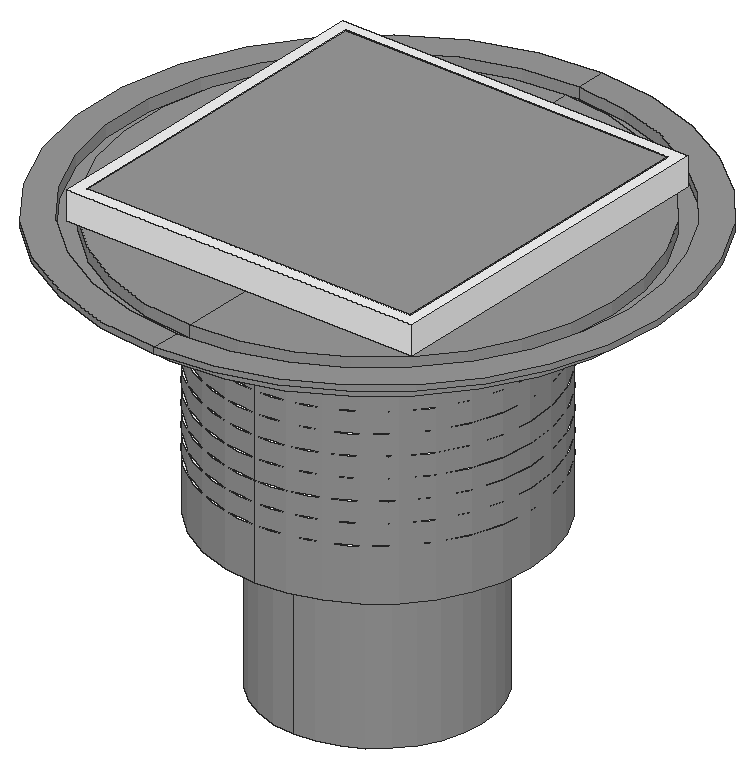
Revit family "_02HL_RU_Floor drain_HL310N", category Instalační zařizovací předměty, Revit 2021
Family settings
  Kóta kulaté spojky = Použít průměr
  Typ dílu = Normální
  Číslo OmniClass = 23.70.50.21.24.14
  Nadpis OmniClass = Deck Waste Water Drains
  Založené na pracovní rovině = Ne
  Vždy vertikální = Ano
  Ořezat dutým tvarem při načtení = Ne
  Sdílené = Ano
  Bod výpočtu místnosti = Ano
Parameters (values of type "HL310N")
  РЕШЁТКА = "115 x 115 mm / V2A"
  РАЗМЕР = "DN50/75/110"
  ПРОПУСКНАЯ СПОСОБНОСТЬ = 0.67 L/s
  ПРОИЗВОДИТЕЛЬНОСТЬ = "0,67 l/s"
  ПРАВОВАЯ ИНФОРМАЦИЯ = "Авторские права(©), права на дизайн или какие либо другие права интелектуальной собственности являются исключительной собственностью компании HL Hutterer & Lechner. Изменению не подлежит. Файл семейства с данными о прозводителе изделия защищен паролем с водяным знаком."  # constant formula
  Нормы = "EN 1253-1"
  НОМИНАЛЬНЫЙ ДИАМЕТР [instance] = 75 mm
  НАСАДКА = "12-70 mm / 123 x 123 mm / PP"
  МАТЕРИАЛ = "PP, V2A"
  МАКСИМАЛЬНАЯ НАГРУЗКА КЛАССА = "K3 - 300 kg"
  ВЫСОТА МОНТАЖА = "163 mm"
  ВЕС = "0,72 [kg]"
  EAN = "9003076004638"
  Výchozí výška = 0 mm
  Přípoj ventilace = no
  Výrobce = "HL Hutterer & Lechner GmbH"  # constant formula
  URL = "http://www.hutterer-lechner.com/ru/Products/catalog/floor-drains/attachments/HL310N.aspx"
  Přípoj odpadních dílů = yes
  Přípoj HW = no
  Popis = "Трап для внутренних помещений"
  Model = "HL310N"
  Komentáře k typům = "HL310N Трап для внутренних помещенийDN50/75/110 вертикальный 123х123мм/115х115мм"
  Keynote = "HL310N"
  Высота монтажа [instance] = 163 mm
  DN_Test [instance] = if(or(НОМИНАЛЬНЫЙ ДИАМЕТР = 50 mm, НОМИНАЛЬНЫЙ ДИАМЕТР = 75 mm, НОМИНАЛЬНЫЙ ДИАМЕТР = 110 mm), 30 mm, 0 mm)  # 30 mm
  Přípoj CW = no
  B [instance] = if(НОМИНАЛЬНЫЙ ДИАМЕТР = 110 mm, Высота монтажа - 56 mm, Высота монтажа)  # 163 mm
  A [instance] = if(B - 100 mm > 15 mm, B - 100 mm, 15 mm)  # 63 mm
Reference planes
  plane 1 "Center (Front/Back)": y = 0
  plane 2: z = 0
  plane 3 "Center (Left/Right)": x = 0
  plane 4 "Ball Joint Vertical": x = 25.45
  plane 5: z = -163
  plane 6: z = -163
Lines and regions (mm)
  model lines, style "InvisibleLines"
    curve 1: line (0, 0, 0) -> (0, 0, 975)
  reference lines
    curve 2: line (0, 0, -158.004) -> (0, 0, -163.004)
  model lines, detail levels coarse+medium
    curve 3: line (0, 0, -163) -> (0, 0, -100)
    curve 4: line (0, 0, -100) -> (100, 0, 0)
    curve 5: line (0, 0, -100) -> (-100, 0, 0)
  symbolic lines, style "InvisibleLines", not visible
    curve 6: line (0, 0, 0) -> (0, 0, -30)
  symbolic lines, detail levels coarse+medium
    curve 7: line (-75, 75, 0) -> (75, 75, 0)
    curve 8: line (-75, -75, 0) -> (-75, 75, 0)
    curve 9: line (75, -75, 0) -> (-75, -75, 0)
    curve 10: line (75, 75, 0) -> (75, -75, 0)
    curve 11: line (75, 75, 0) -> (145.711, 145.711, 0)
    curve 12: line (-75, 75, 0) -> (-145.711, 145.711, 0)
    curve 13: line (75, -75, 0) -> (145.711, -145.711, 0)
    curve 14: line (-75, -75, 0) -> (-145.711, -145.711, 0)
  symbolic lines, not visible, detail levels coarse+medium
    curve 15: line (97.767, 268.748, 0) -> (247.767, 268.748, 0)
    curve 16: line (97.767, 118.748, 0) -> (97.767, 268.748, 0)
    curve 17: line (247.767, 118.748, 0) -> (97.767, 118.748, 0)
    curve 18: line (247.767, 268.748, 0) -> (247.767, 118.748, 0)
    curve 19: line (247.767, 268.748, 0) -> (318.478, 339.459, 0)
    curve 20: line (97.767, 268.748, 0) -> (27.057, 339.459, 0)
    curve 21: line (247.767, 118.748, 0) -> (318.478, 48.037, 0)
    curve 22: line (97.767, 118.748, 0) -> (27.057, 48.037, 0)
Text (mm)
  text "FLOOR" at (-218.559, 0, -14.206), in view "вид строительства"
Dimensions and locks
  locked: plane 4 "Ball Joint Vertical" to plane 3 "Center (Left/Right)" at 25.45
  "Высота монтажа": plane 2 to plane 5
  "A": curve 5 to plane 6
  "B": curve 5 to plane 6
  "B": curve 4 to plane 6
  "B": plane 2 to plane 6
  "DN_Test": plane 2 to curve 6
  plane 2 to nested 2 = 12 mm
  locked: curve 4 to plane 3 "Center (Left/Right)" (angle 45.00°)
  locked: plane 3 "Center (Left/Right)" to curve 5 (angle 45.00°)
  aligned and locked: level to plane 2
  aligned and locked: plane 2 to curve 1
  aligned and locked: plane 3 "Center (Left/Right)" to curve 1
  aligned and locked: plane 3 "Center (Left/Right)" to curve 2
  aligned and locked: plane 3 "Center (Left/Right)" to curve 3
  aligned and locked: plane 3 "Center (Left/Right)" to curve 5
  aligned and locked: plane 6 to curve 3
  aligned and locked: plane 5 to nested 2
Automatic sketch dimensions
  curve 2 to plane 6 = 0.004 mm
  plane 6 to curve 2 = 4.996 mm
  level to curve 1 = 975 mm
Nested families
  nested 1: "HL-Вкладыш сифона-HL0510.7E" at (0, 0, -6), type "HL0510.7E_Main Component"
  nested 2: "HL-Корпус для трапа внутренних помещений-HL310K" at (0, 0, -12), type "HL310K_Main Component"
  nested 3: "HL_Решётка_HL037Pr.1E" at (0, 0, 0), type "HL037Pr.1E_Main Component"
  nested 4: "HL-Насадка-HL037N.2E" at (0, 0, 0), type "HL037N.2E_Main Component"
    with Высота монтажа 70 mm, RN 11, RL 71.5 mm, R yes, NL_Test yes, NL 90 mm
Connectors
  piping at (0, 0, -163.004), diameter 75, driven by "ПРОПУСКНАЯ СПОСОБНОСТЬ", driven by "НОМИНАЛЬНЫЙ ДИАМЕТР"
    settings: on curve 2, index 1, connector inside diameter 609.6 mm, connector length 0 mm, flow factor 0, pipe flow 0.67 L/s, pressure drop 0.0 Pa, fitting loss kfactor 0, connector angle 0.00°, fixture units 0, engagement length 0 mm, angle of deflection 0.00°, flow configuration 1, flow direction 2, fitting loss method 0, system type 16, joint type 0, gender type 0, connector reference index -1, connector utility 0, adjustable connector no, is connector primary yes, connector description ""
Definition of nested family "HL-Вкладыш сифона-HL0510.7E"
  Parameters
    ПРАВОВАЯ ИНФОРМАЦИЯ = "Авторские права(©), права на дизайн или какие либо другие права интелектуальной собственности являются исключительной собственностью компании HL Hutterer & Lechner. Изменению не подлежит. Файл семейства с данными о прозводителе изделия защищен паролем с водяным знаком."  # constant formula
    МАТЕРИАЛ = "PP"
    ВЕС = "0,08 [kg]"
    Waste Connection = yes
    Default Elevation = 0 mm
    Vent Connection = no
    Manufacturer = "HL Hutterer & Lechner GmbH"  # constant formula
    URL = "http://www.hutterer-lechner.com/ru/products/catalog/floor-drains/attachments/HL0510.7e.aspx"
    HW Connection = no
    Description = "Трапы для внутренних помещений - Комплектующие"
    Model = "HL0510.7E"
    Type Comments = "HL0510.7E Вкладыш запахозапирающий комплектный"
    Keynote = "HL0510.7E"
    EAN = "9003076051076"
    CW Connection = no
  Reference planes
    plane 1 "Center (Front/Back)": y = 0
    plane 2: z = 0
    plane 3 "Center (Left/Right)": x = 0
    plane 4 "Ball Joint Vertical": x = 25.45
  Forms (mm)
    Revolve 1, solid, detail levels fine
      sketch origin (0, 0, 0) x (0, 1, 0) y (0, 0, 1)
        loop
          line (20, -68.2) -> (20, -11) -> (18.2, -11) -> (18.2, -70) -> (45, -70) -> (45, -36) -> (48.834, -36) -> (48.834, -14) -> (49.7, -14) -> (49.7, -2) -> (53, -2) -> (53, 0) -> (45, 0) -> (45, -29.222) -> (43.93, -33.62) -> (43.13, -33.62) -> (43.13, -68.2) -> (20, -68.2)
        loop
          line (36.103, -61) -> (36.103, 0) -> (0, 0) -> (0, -1.8) -> (34.307, -1.8) -> (34.307, -61) -> (36.103, -61)
        axis (0, 0) -> (0, -70)
      angle from 0 to 360
    Extrusion 2, solid, detail levels fine
      sketch origin (0, 0, 0) x (1, 0, 0) y (0, 1, 0)
        loop
          line (-24.1, 5.7) -> (-24.1, -5.7) -> (-4, -5.7) -> (-4, -23) -> (4, -23) -> (4, -5.7) -> (24.1, -5.7) -> (24.1, 5.7) -> (4, 5.7) -> (4, 23) -> (-4, 23) -> (-4, 5.7) -> (-24.1, 5.7)
      from -82.5 to -81
    Extrusion 3, solid, detail levels fine
      sketch origin (0, 0, 0) x (1, 0, 0) y (0, 1, 0)
        loop
          line (-24.1, 5.7) -> (-24.1, -5.7) -> (-18.9, -5.7) -> (-18.9, 5.7) -> (-24.1, 5.7)
        loop
          line (18.9, 5.7) -> (18.9, -5.7) -> (24.1, -5.7) -> (24.1, 5.7) -> (18.9, 5.7)
      from -81 to -70
    Revolve 4, solid, detail levels fine
      sketch origin (0, 0, 0) x (0, 1, 0) y (0, 0, 1)
        loop
          arc (49.7, -10.914) -> (51.118, -9) -> (49.7, -7.086) r 2
          line (49.7, -7.086) -> (49.7, -10.914)
        axis (0, -7.086) -> (0, -10.914)
      angle from 0 to 360
  Cuts and joins
    joined: Revolve 1, Extrusion 2, Extrusion 3
  Text (mm)
    text "ROOF/FLOOR" at (-198.233, 0, -26.556), in view "Drain Construction View"
  Dimensions and locks
    locked: plane 4 "Ball Joint Vertical" to plane 3 "Center (Left/Right)" at 25.45
    aligned and locked: level to plane 2
Definition of nested family "HL-Корпус для трапа внутренних помещений-HL310K"
  Parameters (values of type "HL310K")
    РАЗМЕР = "DN50/75/110"
    ПРАВОВАЯ ИНФОРМАЦИЯ = "Авторские права(©), права на дизайн или какие либо другие права интелектуальной собственности являются исключительной собственностью компании HL Hutterer & Lechner. Изменению не подлежит. Файл семейства с данными о прозводителе изделия защищен паролем с водяным знаком."  # constant formula
    МАТЕРИАЛ = "PP"
    ВЫСОТА МОНТАЖА = "148 mm"
    ВЕС = "0,173 [kg]"
    Waste Connection = yes
    Default Elevation = 0 mm
    Vent Connection = no
    Manufacturer = "HL Hutterer & Lechner GmbH"  # constant formula
    URL = "https://www.hutterer-lechner.com/ru/products/catalog/Floor-drains/vertical/flange/HL310K.aspx"
    Assembly Code = ""
    HW Connection = no
    Description = "Трап для внутренних помещений"
    Model = "HL310K"
    Type Comments = "Корпус трапа для внутренних помещений DN50/75/110 вертикальный"
    Keynote = "HL310K"
    EAN = "9003076001781"
    CW Connection = no
  Reference planes
    plane 1 "Center (Front/Back)": y = 0
    plane 2: z = 0
    plane 3 "Center (Left/Right)": x = 0
    plane 4 "Ball Joint Vertical": x = 25.45
  Forms (mm)
    Revolve 1, solid, detail levels fine
      sketch origin (0, 0, 0) x (0, 1, 0) y (0, 0, 1)
        loop
          line (55.057, 0) -> (55.057, -20) -> (52.707, -20) -> (52.707, -92.996) -> (22.706, -92.996) -> (22.706, -95.159) -> (22.706, -151) -> (24.707, -151) -> (24.707, -95.159) -> (35.206, -95.159) -> (35.206, -151) -> (37.207, -151) -> (37.207, -95) -> (54.705, -95) -> (54.705, -24) -> (58.059, -24) -> (58.059, -7.5) -> (92.707, -7.5) -> (92.707, -2) -> (99.706, -2) -> (99.706, 0) -> (89.707, 0) -> (89.707, -4) -> (83.707, -4) -> (83.707, 0) -> (55.057, 0)
        axis (0, 0) -> (0, -151)
      angle from 0 to 360
  Text (mm)
    text "ROOF/FLOOR" at (-198.233, 0, -26.556), in view "вид строительства"
  Dimensions and locks
    locked: plane 4 "Ball Joint Vertical" to plane 3 "Center (Left/Right)" at 25.45
    aligned and locked: level to plane 2
Definition of nested family "HL_Решётка_HL037Pr.1E"
  Parameters (values of type "HL037Pr.1E")
    РАЗМЕР = "115x115mm"
    ПРАВОВАЯ ИНФОРМАЦИЯ = "Авторские права(©), права на дизайн или какие либо другие права интелектуальной собственности являются исключительной собственностью компании HL Hutterer & Lechner. Изменению не подлежит. Файл семейства с данными о прозводителе изделия защищен паролем с водяным знаком."  # constant formula
    МАТЕРИАЛ = "V2A"
    МАКСИМАЛЬНАЯ НАГРУЗКА КЛАССА = "K3 - 300 kg"
    ВЕС = "0,15 [kg]"
    Waste Connection = yes
    Default Elevation = 0 mm
    Vent Connection = no
    Manufacturer = "HL Hutterer & Lechner GmbH"  # constant formula
    URL = "http://www.hutterer-lechner.com/ru/products/catalog/floor-drains/attachments/HL037pr.1e.aspx"
    HW Connection = no
    Description = "Трапы для внутренних помещений - Комплектующие"
    Model = "HL037Pr.1E"
    Type Comments = "HL037Pr.1E Решётка из нержавеющей стали 115х115 мм"
    Keynote = "HL037Pr.1E"
    EAN = "9003076028474"
    CW Connection = no
  Reference planes
    plane 1 "Center (Front/Back)": y = 0
    plane 2: z = 0
    plane 3 "Center (Left/Right)": x = 0
    plane 4 "Ball Joint Vertical": x = 25.45
  Forms (mm)
    Extrusion 1, solid, detail levels fine
      sketch origin (0, 0, 0) x (1, 0, 0) y (0, 1, 0)
        loop
          line (57.5, 57.5) -> (-57.5, 57.5) -> (-57.5, -57.5) -> (57.5, -57.5) -> (57.5, 57.5)
      from 0 to -5
  Lines and regions (mm)
    model lines, detail levels fine
      curve 1: spline (-13.927, 0, 0) -> (-13.452, 1.165, 0) -> (-12.061, 2.25, 0) -> (-9.848, 3.182, 0) -> (-6.964, 3.897, 0) -> (-3.605, 4.347, 0) -> (0, 4.5, 0) -> (3.605, 4.347, 0) -> (6.964, 3.897, 0) -> (9.848, 3.182, 0) -> (12.061, 2.25, 0) -> (13.452, 1.165, 0) -> (13.927, 0, 0) -> (13.452, -1.165, 0) -> (12.061, -2.25, 0) -> (9.848, -3.182, 0) -> (6.964, -3.897, 0) -> (3.605, -4.347, 0) -> (0, -4.5, 0) -> (-3.605, -4.347, 0) -> (-6.964, -3.897, 0) -> (-9.848, -3.182, 0) -> (-12.061, -2.25, 0) -> (-13.452, -1.165, 0) -> (-13.927, 0, 0)
      curve 2: line (-5.9, 0.4, 0) -> (-11.9, 0.4, 0)
      curve 3: line (-3.65, -2, 0) -> (-3.65, 2, 0)
      curve 4: arc (-3.65, 2, 0) -> (-3.15, 2.5, 0) -> (-2.65, 2, 0) r 0.5
      curve 5: line (-2.65, 2, 0) -> (-2.65, 0.5, 0)
      curve 6: line (-2.65, 0.5, 0) -> (-0.65, 0.5, 0)
      curve 7: line (-0.65, 0.5, 0) -> (-0.65, 2, 0)
      curve 8: arc (-0.65, 2, 0) -> (-0.15, 2.5, 0) -> (0.35, 2, 0) r 0.5
      curve 9: line (0.35, 2, 0) -> (0.35, -2, 0)
      curve 10: arc (0.35, -2, 0) -> (-0.15, -2.5, 0) -> (-0.65, -2, 0) r 0.5
      curve 11: line (-0.65, -2, 0) -> (-0.65, -0.5, 0)
      curve 12: line (-0.65, -0.5, 0) -> (-2.65, -0.5, 0)
      curve 13: line (-2.65, -0.5, 0) -> (-2.65, -2, 0)
      curve 14: arc (-2.65, -2, 0) -> (-3.15, -2.5, 0) -> (-3.65, -2, 0) r 0.5
      curve 15: line (1.85, -2, 0) -> (1.85, 2, 0)
      curve 16: arc (1.85, 2, 0) -> (1.996, 2.354, 0) -> (2.35, 2.5, 0) r 0.5
      curve 17: arc (2.35, 2.5, 0) -> (2.704, 2.354, 0) -> (2.85, 2, 0) r 0.5
      curve 18: line (2.85, 2, 0) -> (2.85, -1, 0)
      curve 19: arc (2.85, -1, 0) -> (2.996, -1.354, 0) -> (3.35, -1.5, 0) r 0.5
      curve 20: line (3.35, -1.5, 0) -> (4.35, -1.5, 0)
      curve 21: arc (4.35, -1.5, 0) -> (4.85, -2, 0) -> (4.35, -2.5, 0) r 0.5
      curve 22: line (4.35, -2.5, 0) -> (2.35, -2.5, 0)
      curve 23: arc (2.35, -2.5, 0) -> (1.996, -2.354, 0) -> (1.85, -2, 0) r 0.5
      curve 24: line (12.1, 0.4, 0) -> (6.1, 0.4, 0)
      curve 25: line (-5.9, -0.4, 0) -> (-11.9, -0.4, 0)
      curve 26: line (12.1, -0.4, 0) -> (6.1, -0.4, 0)
      curve 27: line (-5.9, 0.4, 0) -> (-5.9, -0.4, 0)
      curve 28: line (-11.9, 0.4, 0) -> (-11.9, -0.4, 0)
      curve 29: line (6.1, 0.4, 0) -> (6.1, -0.4, 0)
      curve 30: line (12.1, 0.4, 0) -> (12.1, -0.4, 0)
      curve 31: arc (38.029, -24.059, 0) -> (45, 0, 0) -> (38.029, 24.059, 0) r 45
      curve 32: arc (38.029, 24.059, 0) -> (35.09, 25.896, 0) -> (31.82, 24.749, 0) r 4
      curve 33: arc (31.82, 24.749, 0) -> (30.673, 22.362, 0) -> (31.268, 19.782, 0) r 4
      curve 34: arc (31.268, 19.782, 0) -> (37, 0, 0) -> (31.268, -19.782, 0) r 37
      curve 35: arc (31.268, -19.782, 0) -> (30.673, -22.362, 0) -> (31.82, -24.749, 0) r 4
      curve 36: arc (31.82, -24.749, 0) -> (35.09, -25.896, 0) -> (38.029, -24.059, 0) r 4
      curve 37: arc (24.059, 38.029, 0) -> (0, 45, 0) -> (-24.059, 38.029, 0) r 45
      curve 38: arc (-24.059, 38.029, 0) -> (-25.896, 35.09, 0) -> (-24.749, 31.82, 0) r 4
      curve 39: arc (-24.749, 31.82, 0) -> (-22.362, 30.673, 0) -> (-19.782, 31.268, 0) r 4
      curve 40: arc (-19.782, 31.268, 0) -> (0, 37, 0) -> (19.782, 31.268, 0) r 37
      curve 41: arc (19.782, 31.268, 0) -> (22.362, 30.673, 0) -> (24.749, 31.82, 0) r 4
      curve 42: arc (24.749, 31.82, 0) -> (25.896, 35.09, 0) -> (24.059, 38.029, 0) r 4
      curve 43: arc (24.059, -38.029, 0) -> (0, -45, 0) -> (-24.059, -38.029, 0) r 45
      curve 44: arc (-24.059, -38.029, 0) -> (-25.896, -35.09, 0) -> (-24.749, -31.82, 0) r 4
      curve 45: arc (-24.749, -31.82, 0) -> (-22.362, -30.673, 0) -> (-19.782, -31.268, 0) r 4
      curve 46: arc (-19.782, -31.268, 0) -> (0, -37, 0) -> (19.782, -31.268, 0) r 37
      curve 47: arc (19.782, -31.268, 0) -> (22.362, -30.673, 0) -> (24.749, -31.82, 0) r 4
      curve 48: arc (24.749, -31.82, 0) -> (25.896, -35.09, 0) -> (24.059, -38.029, 0) r 4
      curve 49: arc (-38.029, -24.059, 0) -> (-45, 0, 0) -> (-38.029, 24.059, 0) r 45
      curve 50: arc (-38.029, 24.059, 0) -> (-35.09, 25.896, 0) -> (-31.82, 24.749, 0) r 4
      curve 51: arc (-31.82, 24.749, 0) -> (-30.673, 22.362, 0) -> (-31.268, 19.782, 0) r 4
      curve 52: arc (-31.268, 19.782, 0) -> (-37, 0, 0) -> (-31.268, -19.782, 0) r 37
      curve 53: arc (-31.268, -19.782, 0) -> (-30.673, -22.362, 0) -> (-31.82, -24.749, 0) r 4
      curve 54: arc (-31.82, -24.749, 0) -> (-35.09, -25.896, 0) -> (-38.029, -24.059, 0) r 4
    model lines
      curve 55: line (0, 0, 0) -> (0, 0, 100)
  Text (mm)
    text "ROOF/FLOOR" at (-198.233, 0, -26.556), in view "Drain Construction View"
  Dimensions and locks
    locked: plane 4 "Ball Joint Vertical" to plane 3 "Center (Left/Right)" at 25.45
    aligned and locked: level to plane 2
Definition of nested family "HL-Насадка-HL037N.2E"
  Parameters (values of type "HL037N.2E")
    РАЗМЕР = "d 110 mm"
    ПРАВОВАЯ ИНФОРМАЦИЯ = "Авторские права(©), права на дизайн или какие либо другие права интелектуальной собственности являются исключительной собственностью компании HL Hutterer & Lechner. Изменению не подлежит. Файл семейства с данными о прозводителе изделия защищен паролем с водяным знаком."  # constant formula
    НАСАДКА = "123x123mm"
    МАТЕРИАЛ = "PP"
    Высота монтажа [instance] = 70 mm
    ВЫСОТА МОНТАЖА = "12-70mm"
    ВЕС = "0,08 [kg]"
    Waste Connection = yes
    Default Elevation = 0 mm
    Vent Connection = no
    RD = 6.5 mm  # constant formula
    R [instance] = ((Высота монтажа - NL_Min) / RD - 1) > 2  # yes
    RL [instance] = if(Высота монтажа < 18 mm, 1 mm, RD * RN)  # 71.5 mm
    NL_Test [instance] = and(or(Высота монтажа < NL_Max, Высота монтажа = NL_Max), or(Высота монтажа > NL_Min, Высота монтажа = NL_Min))  # yes
    NL_Min = 12 mm
    NL_Max = 70 mm
    NL [instance] = if(NL_Test, Высота монтажа + 20 mm, 0 mm)  # 90 mm
    RN [instance] = if((Высота монтажа + 20 mm - NL_Min) / RD - 1 < 2, 2, (Высота монтажа + 20 mm - NL_Min) / RD - 1)  # 11
    Manufacturer = "HL Hutterer & Lechner GmbH"  # constant formula
    URL = "http://www.hutterer-lechner.com/ru/products/catalog/floor-drains/attachments/HL037pr.11e.aspx"
    HW Connection = no
    Description = "Трапы для внутренних помещений - Комплектующие"
    Model = "HL037N.2E"
    Type Comments = "HL037N.2E Насадные подрамники d 110мм/90мм/123х123мм с О-кольцом"
    Keynote = "HL037N.2E"
    EAN = "9003076015290"
    CW Connection = no
  Reference planes
    plane 1 "Center (Front/Back)": y = 0
    plane 2: z = 0
    plane 3 "Center (Left/Right)": x = 0
    plane 4 "Ball Joint Vertical": x = 25.45
    plane 5: z = -90
  Forms (mm)
    Extrusion 1, solid, detail levels fine
      sketch origin (0, 0, 0) x (1, 0, 0) y (0, 1, 0)
        loop
          line (-61.5, 61.5) -> (-61.5, -61.5) -> (61.5, -61.5) -> (61.5, 61.5) -> (-61.5, 61.5)
      from -10 to 0
    Extrusion 2, solid, detail levels fine
      sketch origin (0, 0, 0) x (1, 0, 0) y (0, 1, 0)
        loop
          circle (0, 0) r 51.744
      from -90 to -10
    Extrusion 3, void
      sketch origin (0, 0, 0) x (1, 0, 0) y (0, 1, 0)
        loop
          line (-57.5, 57.5) -> (-57.5, -57.5) -> (57.5, -57.5) -> (57.5, 57.5) -> (-57.5, 57.5)
      from 0 to -8
  Cuts and joins
    Extrusion 3 cuts Extrusion 1
  Lines and regions (mm)
    symbolic lines
      curve 1: line (0, 0, -90) -> (0, 0, 0)
    model lines
      curve 2: line (0, 0, 0) -> (0, 0, 100)
  Text (mm)
    text "ROOF/FLOOR" at (-198.233, 0, -26.556), in view "Drain Construction View"
  Dimensions and locks
    locked: plane 4 "Ball Joint Vertical" to plane 3 "Center (Left/Right)" at 25.45
    "NL": plane 2 to plane 5
    equal spacing: group 1, group 3, group 4, group 5, group 6, group 7, group 8, group 9, group 10, group 11, group 2  (x3)
    "RL": nested 2 to nested 1
    locked: nested 1 to plane 5 at 1.516
    aligned and locked: level to plane 2
    aligned and locked: plane 3 "Center (Left/Right)" to nested 1
    aligned and locked: plane 1 "Center (Front/Back)" to nested 1
    aligned and locked: plane 2 to curve 1
    aligned and locked: plane 5 to curve 1
    aligned and locked: Extrusion 2 to plane 5
  Automatic sketch dimensions
    Extrusion 1 sketch curve to plane 3 "Center (Left/Right)" = 61.5 mm
    plane 4 "Ball Joint Vertical" to Extrusion 1 sketch curve = 36.05 mm
    plane 1 "Center (Front/Back)" to Extrusion 1 sketch curve = 61.5 mm
    Extrusion 1 sketch curve to plane 1 "Center (Front/Back)" = 61.5 mm
    plane 1 "Center (Front/Back)" to Extrusion 2 sketch curve = 0 mm
    Extrusion 2 sketch curve to plane 3 "Center (Left/Right)" = 0 mm
    Extrusion 3 sketch curve to plane 3 "Center (Left/Right)" = 57.5 mm
    plane 4 "Ball Joint Vertical" to Extrusion 3 sketch curve = 32.05 mm
    plane 1 "Center (Front/Back)" to Extrusion 3 sketch curve = 57.5 mm
    Extrusion 3 sketch curve to plane 1 "Center (Front/Back)" = 57.5 mm
    curve 2 to plane 3 "Center (Left/Right)" = 0 mm
    level to curve 2 = 100 mm
    radius of Extrusion 2 sketch curve = 51.744 mm
  Nested families
    nested 1: "Ring" at (0, 0, -88.484), visible <- "R", type "Ring"
    nested 2: "Ring" at (0, 0, -16.984), visible <- "R", type "Ring"
    nested 3: "Ring" at (0, 0, -81.334), visible <- "R", type "Ring"
    nested 4: "Ring" at (0, 0, -74.184), visible <- "R", type "Ring"
    nested 5: "Ring" at (0, 0, -67.034), visible <- "R", type "Ring"
    nested 6: "Ring" at (0, 0, -59.884), visible <- "R", type "Ring"
    nested 7: "Ring" at (0, 0, -52.734), visible <- "R", type "Ring"
    nested 8: "Ring" at (0, 0, -45.584), visible <- "R", type "Ring"
    nested 9: "Ring" at (0, 0, -38.434), visible <- "R", type "Ring"
    nested 10: "Ring" at (0, 0, -31.284), visible <- "R", type "Ring"
    nested 11: "Ring" at (0, 0, -24.134), visible <- "R", type "Ring"
  Definition of nested family "Ring"
    Parameters (values of type "Ring")
      Manufacturer = ""
      Default Elevation = 0 mm
      URL = ""
      R = D / 2  # 51.5 mm
      Description = ""
      Model = ""
      Material = none
      Type Comments = ""
      D = 103 mm
      Cost = 0
    Reference planes
      plane 1 "Střed (vpředu/vzadu)": y = 0
      plane 2: z = 0
      plane 3 "Střed (vlevo/vpravo)": x = 0
    Forms (mm)
      Revolve 1, solid, material <- "Material", detail levels fine
        sketch origin (0, 0, 0) x (1, 0, 0) y (0, 0, 1)
          loop
            line (-51.5, 1.482) -> (-54.764, 0) -> (-51.5, -1.516) -> (-51.5, 1.482)
          axis (0, 1.482) -> (0, -1.516)
        angle from 0 to 360
    Dimensions and locks
      "R": Revolve 1 sketch curve to plane 3 "Střed (vlevo/vpravo)"
      aligned and locked: level to plane 2
      aligned and locked: Revolve 1 sketch curve to plane 3 "Střed (vlevo/vpravo)"
    Automatic sketch dimensions
      Revolve 1 sketch curve to level = 0 mm
      Revolve 1 sketch curve to Revolve 1 sketch curve = 3.264 mm
      Revolve 1 sketch curve to level = 1.516 mm
      level to Revolve 1 sketch curve = 1.482 mm
      Revolve 1 sketch curve to level = 381 mm
      Revolve 1 sketch curve to Revolve 1 sketch curve = 2212.833 mm
